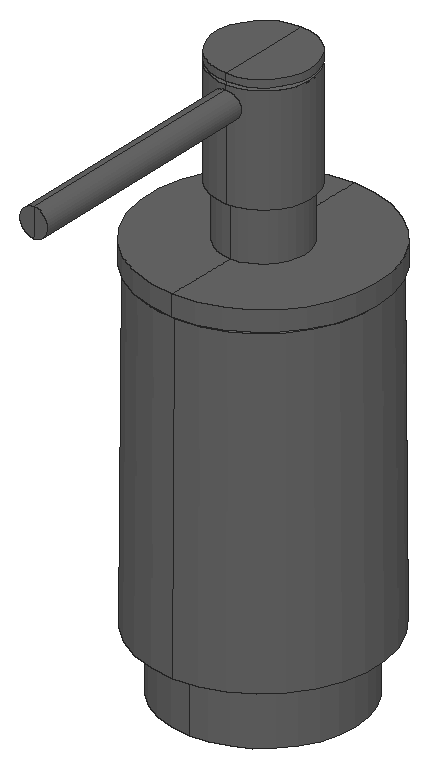
Revit family "Grohe_SoapDispenser_Selection_41218KF0", category Plumbing Fixtures, host Face, Revit 2020
Family settings
  Host = Face
  Round Connector Dimension = Use Diameter
  Part Type = Normal
  OmniClass Number = 23.45.05.00
  OmniClass Title = Sanitary Equipment
  Cut with Voids When Loaded = No
  Shared = No
  Room Calculation Point = No
Parameters (values of type "SELECTION Soap Dispenser (41218KF0)")
  _ObjectUserGuide = "https://www.bimstore.co/products/grohe-41218KF0/document/object-user-guide"
  _DistributedBy = "https://www.bimstore.co/"
  _CurrentRevision = 1
  _CreatedBy = "https://www.bimstore.co/"
  _BimSpecGuid = 0
  _BSBibleVersion = 17
  _AuthorizedBy = "bimstore"
  _Author = "AM 147"
  Waste Connection = no
  WarrantyStartDate [instance] = "Please Record On Commissioning."
  WarrantyGuarantorParts = "info-uk@grohe.com"
  WarrantyGuarantorLabor = "info-uk@grohe.com"
  WarrantyDurationUnit = "Years"
  WarrantyDurationParts = "0"
  WarrantyDurationLabor = "0"
  WarrantyDescription = "n/a"
  Vent Connection = no
  URL = "https://www.grohe.co.uk/"
  TypeName = "SELECTION Soap Dispenser"
  Type Comments = "SELECTION Soap Dispenser"
  TPIDocumentLink = "n/a"
  SustainabilityReport = "green.grohe.com/reporting"
  SustainabilityAward = "green.grohe.com/awards"
  SpareParts = "info-uk@grohe.com"
  Size = "n/a"
  Shape = "n/a"
  SerialNumber [instance] = "Please Record On Commissioning."
  ReplacementCost = "n/a"
  ReferencedStandard = "n/a"
  ProductionYear = "2023"
  ProductType = "Accessory Bath"
  ProductShortText = "Soap dispenser"
  ProductPageURL = "https://www.grohe.co.uk/en_gb/-41218KF0.html"
  ProductNumber = "41218KF0"
  ProductDescription = "material: glass / metal\r\n\r\nfilling quantity 160 ml\r\n\r\nfilling quantity 130 ml\r\n\r\nfits in the following holder: 41 027 xx0/41 218 KF0\r\n\r\nGROHE Long-Life Shine finish"
  PrimaryMaterial = Grohe_MattBlack
  PQDiagramLink = "n/a"
  NominalLength = 0.0 mm
  NominalHeight = 0.0 mm
  NominalDepth = 0.0 mm
  NBSReference = "45-35-72/358"
  NBSOfficeMasterTag = "n/a"
  NBSObjectName = "Grohe - Soap dispensers"
  NBSNote = "n/a"
  NBSDescription = "Soap dispensers"
  ModelReference = "SELECTION Soap Dispenser"
  ModelNumber = "41218KF0"
  Model = "SELECTION Soap Dispenser"
  Material = "n/a"
  ManufacturerName = "Grohe"
  Manufacturer = "Grohe"
  Keynote = "N13"
  InstallationDate [instance] = "Please Record On Commissioning."
  IfcExportType = "IfcPipeFittingType"
  IfcExportAs = "IfcPipeFitting"
  HW Connection = no
  Grade = "n/a"
  GROHESustainability = "green.grohe.com"
  GROHESocialCommittment = "green.grohe.com/social_engagement"
  FullRecyclabilityOfPlastic = "All plastic components are fully recyclable"
  Finish = "n/a"
  Features = "n/a"
  ExpectedLife = 0
  Ecojoy = no
  EF025109 = "Other"
  EF024897 = "Other"
  EF024491 = "Round rod"
  EF024489 = "FALSE"
  EF024473 = "Other"
  EF024472 = "Glass"
  EF024463 = "not relevant"
  EF024079 = "FALSE"
  EF024075 = "FALSE"
  EF023790 = "FALSE"
  EF023686 = "Other"
  EF023140 = "Brass"
  EF022659 = "Single"
  EF022454 = "FALSE"
  EF022280 = "TRUE"
  EF022116 = "Round rod"
  EF020115 = "FALSE"
  EF012491 = "not relevant"
  EF011626 = "Liquid soap"
  EF011625 = "Other"
  EF011621 = "Round"
  EF006243 = "not relevant"
  EF006009 = "TRUE"
  EF005084 = "Wall"
  EF004520 = "FALSE"
  EF003701 = "not relevant"
  EF000551 = 57.0 mm
  EF000176 = "120 cm3"
  EF000139 = "Lacquered"
  EF000049 = 0.0 mm
  EF000040 = 142.0 mm
  EF000008 = 99.0 mm
  DurationUnit = "Years"
  DocumentationTechnical = "https://www.bimstore.co/products/grohe-41218KF0/document/technical-data-sheet"
  DocumentationMaintenance = "https://www.bimstore.co/products/grohe-41218KF0/document/maintenance-information"
  DocumentationLiterature = "https://www.bimstore.co/products/grohe-41218KF0/document/product-literature"
  DocumentationInstallationGuide = "https://www.bimstore.co/products/grohe-41218KF0/document/installation-guide"
  DocumentationCertificates = "https://www.bimstore.co/products/grohe-41218KF0/document/product-certificates"
  DimensionsDocumentLink = "https://cdn.cloud.grohe.com/dimdraw/100000/100000/100000/100100/100150/100153/100153889/1280/100153889.jpg"
  Description = "SELECTION Soap Dispenser"
  Default Elevation = 0.0 mm
  CreatedOn = "2023-03-01T09:00:00"
  CreatedBy = "info-uk@grohe.com"
  CradleToCradleCertification = "n/a"
  Cost = 0
  Constituents = "n/a"
  Color = "Matt Black"
  CodePerformance = "n/a"
  ClassificationValue = "Pr_40_20_87_76"
  ClassificationName = "Uniclass2015"
  CW Connection = no
  CO2NeutralProduction = "GROHE is one of the first leading manufacturer within the sanitary industry having a CO2-neutral production."
  BarCode [instance] = "Please Record On Commissioning."
  BIMObjectName = "Grohe_SoapDispenser_Selection_41218KF0"
  AssetType = "Fixed"
  AssetIdentifier [instance] = "n/a"
  Assembly Code = "D2010"
  AccessibilityPerformance = "n/a"
Reference planes
  plane 1 "Center (Front/Back)": y = 0
  plane 2: z = 0
  plane 3 "Center (Left/Right)": x = 0
Forms (mm)
  Revolve 1, solid, material "Grohe_MattBlack" <- "PrimaryMaterial", detail levels medium+fine
    sketch origin (0, 0, 0) x (0, 1, 0) y (0, 0, 1)
      loop
        line (10.227, 113.4) -> (0, 113.4) -> (0, 0) -> (22.937, 0) -> (22.937, 15) -> (28.001, 15) -> (27.463, 94.707) -> (26.194, 95.5) -> (28.25, 95.5) -> (28.25, 100.5) -> (10.227, 100.5) -> (10.227, 113.4)
      axis (0, 0) -> (0, 113.4)
    angle from 0 to 360
  Revolve 2, solid, material "Grohe_MattBlack" <- "PrimaryMaterial", detail levels medium+fine
    sketch origin (0, 0, 0) x (0, 1, 0) y (0, 0, 1)
      loop
        line (0, 113.4) -> (11.747, 113.4) -> (11.747, 139.838) -> (10.951, 140.238) -> (11.747, 140.638) -> (11.747, 142.4) -> (0, 142.4) -> (0, 113.4)
      axis (0, 113.4) -> (0, 142.4)
    angle from 0 to 360
  Revolve 3, solid, material "Grohe_MattBlack" <- "PrimaryMaterial", detail levels medium+fine
    sketch origin (0, 0, 0) x (0, 1, 0) y (0, 0, 1)
      loop
        line (-71.115, 138.737) -> (-71.115, 135.238) -> (0, 135.238) -> (0, 138.737) -> (-71.115, 138.737)
      axis (0, 135.238) -> (-71.115, 135.238)
    angle from 0 to 360
  Revolve 4, solid, material "Grohe_MattBlack" <- "PrimaryMaterial", detail levels coarse
    sketch origin (0, 0, 0) x (0, 1, 0) y (0, 0, 1)
      loop
        line (0, 113.4) -> (0, 0) -> (22.937, 0) -> (22.937, 15) -> (28.001, 15) -> (28.001, 100.5) -> (11.747, 100.5) -> (11.747, 113.4) -> (0, 113.4)
      axis (0, 0) -> (0, 113.4)
    angle from 0 to 360
  Revolve 5, solid, material "Grohe_MattBlack" <- "PrimaryMaterial", detail levels coarse
    sketch origin (0, 0, 0) x (0, 1, 0) y (0, 0, 1)
      loop
        line (0, 113.4) -> (11.747, 113.4) -> (11.747, 142.4) -> (0, 142.4) -> (0, 113.4)
      axis (0, 113.4) -> (0, 142.4)
    angle from 0 to 360
  Revolve 6, solid, material "Grohe_MattBlack" <- "PrimaryMaterial", detail levels coarse
    sketch origin (0, 0, 0) x (0, 1, 0) y (0, 0, 1)
      loop
        line (-71.115, 135.238) -> (0, 135.238) -> (0, 138.737) -> (-71.115, 138.737) -> (-71.115, 135.238)
      axis (0, 135.238) -> (-71.115, 135.238)
    angle from 0 to 360
Cuts and joins
  joined: Revolve 2, Revolve 3
  joined: Revolve 5, Revolve 6
Dimensions and locks
  aligned and locked: plane 2 to host face
  aligned and locked: level to host face
